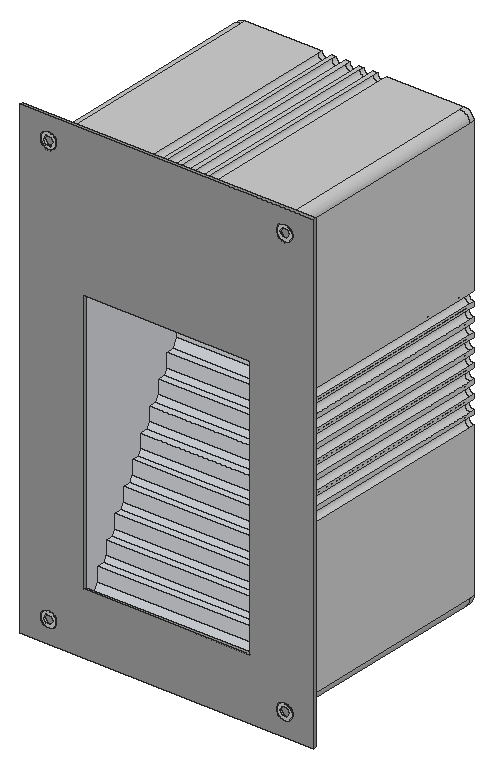
Revit family "WALL LIGHT 02_LK2007WW", category Luminarias, Revit 2019
Family settings
  Cota de conector redondo = Diámetro de uso
  Tipo de pieza = Normal
  Se basa en plano de trabajo = Sí
  Siempre vertical = No
  Corte con vacíos al cargar = No
  Origen de luz = Sí
  Compartido = No
  Punto de cálculo de habitación = No
Parameters (values of type "WALL LIGHT 02_LK2007WW")
  Ángulo de inclinación = 60.00°
  Zone [instance] = ""
  Watt per fixture = 4
  Wattage = 4 W
  built-in parameter 1150107 = 3000 (stored number, unit not read)
  built-in parameter 1150110 = 1 (stored number, unit not read)
  built-in parameter 1150109 = 1 (stored number, unit not read)
  built-in parameter 1150112 = 1 (stored number, unit not read)
  built-in parameter 1150113 = 1 (stored number, unit not read)
  built-in parameter 1114218 = 1 (stored number, unit not read)
  Keynote = ""
  built-in parameter 1150137 = (empty or 0)
  built-in parameter 1150132 = (empty or 0)
  Modelo = "LK2007WW"
  Lámpara = "SMD 3020"
  Longitud [instance] = 1000 mm
  built-in parameter 1150105 = 4.2176 (stored number, unit not read)
  built-in parameter 1150102 = (empty or 0)
  built-in parameter 1150106 = 0.042176 (stored number, unit not read)
  Lumens = 53 lm
  Color Filter = 16777215
  built-in parameter 1114217 = 1 (stored number, unit not read)
  built-in parameter 1150139 = (empty or 0)
  Fabricante = "BRILLANT"
  Default Elevation = 0 mm
  built-in parameter 1150104 = 1.231 (stored number, unit not read)
  Descripción = "LUMINARIA TIPO RECTANGULAR PARA EMPOTRAR EN MURO CON CUERPO DE ALUMINIO FUNDIDO A PRESION CUBIERTO CON POLVO GRIS OSCURO, IP 65 USO PARA INTERIORES O EXTERIORES CON CUERPO DE 0.1KG, CUENTA CON 20 LED TIPO SMD3020 CON UNA POTENCIA TOTAL DE 4W, A UNA TEMPERATURA EN BLANCO CALIDO 3000K CON 53 LUMENES, EFICIENCIA DE 13.25LM/W, IRC 80, APERTURA A 120 GRADOS EN STOCK, 38mA EN CORRIENTE DE OPERACIÓN, ALIMENTADA A 100-240V."
  built-in parameter 1150115 = 1 (stored number, unit not read)
  built-in parameter 1150114 = 1 (stored number, unit not read)
  Comentarios de vataje = "100-240V"
  built-in parameter 1150138 = (empty or 0)
  built-in parameter 1150134 = (empty or 0)
  Circuit [instance] = ""
  Dimming Lamp Color Temperature Shift = (empty or 0)
  Archivo de red fotométrica = "LK2007WW.IES"
  built-in parameter 1150133 = 10 (stored number, unit not read)
Reference planes
  plane 1 "Centro (Frontal/Posterior)": y = 0
  plane 2: z = 0
  plane 3 "Centro (Izquierda/Derecha)": x = 0
Forms (mm)
  Extrusion 1, solid, material "Acabado Blanco"
    sketch origin (0, 0, 0) x (1, 0, 0) y (0, 0, 1)
      loop
        line (-53, 171) -> (-53, 0) -> (53, 0) -> (53, 171) -> (-53, 171)
      loop
        line (-30, 117.305) -> (-30, 22.305) -> (30, 22.305) -> (30, 117.305) -> (-30, 117.305)
    from -1.076 to 0
  Extrusion 2, solid, material "Acero Inoxidable"
    sketch origin (0, 0, 0) x (1, 0, 0) y (0, 0, 1)
      loop
        arc (-39.538, 165.5) -> (-41.986, 164.486) -> (-43, 162.038) r 3.462
        line (-43, 162.038) -> (-43, 107.198)
        arc (-43, 107.198) -> (-41.302, 105.5) -> (-43, 103.802) r 1.698
        line (-43, 103.802) -> (-43, 102.198)
        arc (-43, 102.198) -> (-41.302, 100.5) -> (-43, 98.802) r 1.698
        line (-43, 98.802) -> (-43, 97.198)
        arc (-43, 97.198) -> (-41.302, 95.5) -> (-43, 93.802) r 1.698
        line (-43, 93.802) -> (-43, 92.198)
        arc (-43, 92.198) -> (-41.302, 90.5) -> (-43, 88.802) r 1.698
        line (-43, 88.802) -> (-43, 87.198)
        arc (-43, 87.198) -> (-41.302, 85.5) -> (-43, 83.802) r 1.698
        line (-43, 83.802) -> (-43, 82.198)
        arc (-43, 82.198) -> (-41.302, 80.5) -> (-43, 78.802) r 1.698
        line (-43, 78.802) -> (-43, 77.198)
        arc (-43, 77.198) -> (-41.302, 75.5) -> (-43, 73.802) r 1.698
        line (-43, 73.802) -> (-43, 72.198)
        arc (-43, 72.198) -> (-41.302, 70.5) -> (-43, 68.802) r 1.698
        line (-43, 68.802) -> (-43, 67.198)
        arc (-43, 67.198) -> (-41.302, 65.5) -> (-43, 63.802) r 1.698
        line (-43, 63.802) -> (-43, 8.5)
        arc (-43, 8.5) -> (-41.986, 6.052) -> (-39.538, 5.038) r 3.462
        line (-39.538, 5.038) -> (-11.698, 5.038)
        arc (-11.698, 5.038) -> (-10, 6.735) -> (-8.302, 5.038) r 1.698
        line (-8.302, 5.038) -> (-6.698, 5.038)
        arc (-6.698, 5.038) -> (-5, 6.735) -> (-3.302, 5.038) r 1.698
        line (-3.302, 5.038) -> (-1.698, 5.038)
        arc (-1.698, 5.038) -> (0, 6.735) -> (1.698, 5.038) r 1.698
        line (1.698, 5.038) -> (3.302, 5.038)
        arc (3.302, 5.038) -> (5, 6.735) -> (6.698, 5.038) r 1.698
        line (6.698, 5.038) -> (8.302, 5.038)
        arc (8.302, 5.038) -> (10, 6.735) -> (11.698, 5.038) r 1.698
        line (11.698, 5.038) -> (39.538, 5.038)
        arc (39.538, 5.038) -> (41.986, 6.052) -> (43, 8.5) r 3.462
        line (43, 8.5) -> (43, 63.802)
        arc (43, 63.802) -> (41.302, 65.5) -> (43, 67.198) r 1.698
        line (43, 67.198) -> (43, 68.802)
        arc (43, 68.802) -> (41.302, 70.5) -> (43, 72.198) r 1.698
        line (43, 72.198) -> (43, 73.802)
        arc (43, 73.802) -> (41.302, 75.5) -> (43, 77.198) r 1.698
        line (43, 77.198) -> (43, 78.802)
        arc (43, 78.802) -> (41.302, 80.5) -> (43, 82.198) r 1.698
        line (43, 82.198) -> (43, 83.802)
        arc (43, 83.802) -> (41.302, 85.5) -> (43, 87.198) r 1.698
        line (43, 87.198) -> (43, 88.802)
        arc (43, 88.802) -> (41.302, 90.5) -> (43, 92.198) r 1.698
        line (43, 92.198) -> (43, 93.802)
        arc (43, 93.802) -> (41.302, 95.5) -> (43, 97.198) r 1.698
        line (43, 97.198) -> (43, 98.802)
        arc (43, 98.802) -> (41.302, 100.5) -> (43, 102.198) r 1.698
        line (43, 102.198) -> (43, 103.802)
        arc (43, 103.802) -> (41.302, 105.5) -> (43, 107.198) r 1.698
        line (43, 107.198) -> (43, 162.038)
        arc (43, 162.038) -> (41.986, 164.486) -> (39.538, 165.5) r 3.462
        line (39.538, 165.5) -> (11.698, 165.5)
        arc (11.698, 165.5) -> (10, 163.802) -> (8.302, 165.5) r 1.698
        line (8.302, 165.5) -> (6.698, 165.5)
        arc (6.698, 165.5) -> (5, 163.802) -> (3.302, 165.5) r 1.698
        line (3.302, 165.5) -> (1.698, 165.5)
        arc (1.698, 165.5) -> (0, 163.802) -> (-1.698, 165.5) r 1.698
        line (-1.698, 165.5) -> (-3.302, 165.5)
        arc (-3.302, 165.5) -> (-5, 163.802) -> (-6.698, 165.5) r 1.698
        line (-6.698, 165.5) -> (-8.302, 165.5)
        arc (-8.302, 165.5) -> (-10, 163.802) -> (-11.698, 165.5) r 1.698
        line (-11.698, 165.5) -> (-39.538, 165.5)
      loop
        line (-38, 10.038) -> (-1.335, 10.038)
        arc (-1.335, 10.038) -> (0, 15.741) -> (1.335, 10.038) r 3.008
        line (1.335, 10.038) -> (38, 10.038) -> (38, 20.09) -> (35.031, 20.09) -> (35.031, 20.89) -> (36.594, 20.89) -> (36.594, 24.29) -> (35.031, 24.29) -> (35.031, 25.09) -> (38, 25.09) -> (38, 35.09) -> (35.031, 35.09) -> (35.031, 35.89) -> (36.594, 35.89) -> (36.594, 39.29) -> (35.031, 39.29) -> (35.031, 40.09) -> (38, 40.09) -> (38, 60.09) -> (35.031, 60.09) -> (35.031, 60.89) -> (36.594, 60.89) -> (36.594, 64.29) -> (35.031, 64.29) -> (35.031, 65.09) -> (38, 65.09) -> (38, 105.09) -> (35.031, 105.09) -> (35.031, 105.89) -> (36.594, 105.89) -> (36.594, 109.29) -> (35.031, 109.29) -> (35.031, 110.09) -> (38, 110.09) -> (38, 140.09) -> (35.031, 140.09) -> (35.031, 140.89) -> (36.594, 140.89) -> (36.594, 144.29) -> (35.031, 144.29) -> (35.031, 145.09) -> (38, 145.09) -> (38, 160.5) -> (1.335, 160.5)
        arc (1.335, 160.5) -> (0, 154.797) -> (-1.335, 160.5) r 3.008
        line (-1.335, 160.5) -> (-38, 160.5) -> (-38, 145.09) -> (-35.031, 145.09) -> (-35.031, 144.29) -> (-36.594, 144.29) -> (-36.594, 140.89) -> (-35.031, 140.89) -> (-35.031, 140.09) -> (-38, 140.09) -> (-38, 110.09) -> (-35.031, 110.09) -> (-35.031, 109.29) -> (-36.594, 109.29) -> (-36.594, 105.89) -> (-35.031, 105.89) -> (-35.031, 105.09) -> (-38, 105.09) -> (-38, 65.09) -> (-35.031, 65.09) -> (-35.031, 64.29) -> (-36.594, 64.29) -> (-36.594, 60.89) -> (-35.031, 60.89) -> (-35.031, 60.09) -> (-38, 60.09) -> (-38, 40.09) -> (-35.031, 40.09) -> (-35.031, 39.29) -> (-36.594, 39.29) -> (-36.594, 35.89) -> (-35.031, 35.89) -> (-35.031, 35.09) -> (-38, 35.09) -> (-38, 25.09) -> (-35.031, 25.09) -> (-35.031, 24.29) -> (-36.594, 24.29) -> (-36.594, 20.89) -> (-35.031, 20.89) -> (-35.031, 20.09) -> (-38, 20.09) -> (-38, 10.038)
      loop
        circle (0, 12.733) r 0.781
      loop
        circle (0, 157.805) r 0.781
    from -82.701 to -1.076
  Extrusion 3, solid, material "Acero Inoxidable"
    sketch origin (0, 0, 0) x (1, 0, 0) y (0, 0, 1)
      loop
        arc (-39.538, 165.5) -> (-41.986, 164.486) -> (-43, 162.038) r 3.462
        line (-43, 162.038) -> (-43, 107.198)
        arc (-43, 107.198) -> (-41.302, 105.5) -> (-43, 103.802) r 1.698
        line (-43, 103.802) -> (-43, 102.198)
        arc (-43, 102.198) -> (-41.302, 100.5) -> (-43, 98.802) r 1.698
        line (-43, 98.802) -> (-43, 97.198)
        arc (-43, 97.198) -> (-41.302, 95.5) -> (-43, 93.802) r 1.698
        line (-43, 93.802) -> (-43, 92.198)
        arc (-43, 92.198) -> (-41.302, 90.5) -> (-43, 88.802) r 1.698
        line (-43, 88.802) -> (-43, 87.198)
        arc (-43, 87.198) -> (-41.302, 85.5) -> (-43, 83.802) r 1.698
        line (-43, 83.802) -> (-43, 82.198)
        arc (-43, 82.198) -> (-41.302, 80.5) -> (-43, 78.802) r 1.698
        line (-43, 78.802) -> (-43, 77.198)
        arc (-43, 77.198) -> (-41.302, 75.5) -> (-43, 73.802) r 1.698
        line (-43, 73.802) -> (-43, 72.198)
        arc (-43, 72.198) -> (-41.302, 70.5) -> (-43, 68.802) r 1.698
        line (-43, 68.802) -> (-43, 67.198)
        arc (-43, 67.198) -> (-41.302, 65.5) -> (-43, 63.802) r 1.698
        line (-43, 63.802) -> (-43, 8.5)
        arc (-43, 8.5) -> (-41.986, 6.052) -> (-39.538, 5.038) r 3.462
        line (-39.538, 5.038) -> (-11.698, 5.038)
        arc (-11.698, 5.038) -> (-10, 6.735) -> (-8.302, 5.038) r 1.698
        line (-8.302, 5.038) -> (-6.698, 5.038)
        arc (-6.698, 5.038) -> (-5, 6.735) -> (-3.302, 5.038) r 1.698
        line (-3.302, 5.038) -> (-1.698, 5.038)
        arc (-1.698, 5.038) -> (0, 6.735) -> (1.698, 5.038) r 1.698
        line (1.698, 5.038) -> (3.302, 5.038)
        arc (3.302, 5.038) -> (5, 6.735) -> (6.698, 5.038) r 1.698
        line (6.698, 5.038) -> (8.302, 5.038)
        arc (8.302, 5.038) -> (10, 6.735) -> (11.698, 5.038) r 1.698
        line (11.698, 5.038) -> (39.538, 5.038)
        arc (39.538, 5.038) -> (41.986, 6.052) -> (43, 8.5) r 3.462
        line (43, 8.5) -> (43, 63.802)
        arc (43, 63.802) -> (41.302, 65.5) -> (43, 67.198) r 1.698
        line (43, 67.198) -> (43, 68.802)
        arc (43, 68.802) -> (41.302, 70.5) -> (43, 72.198) r 1.698
        line (43, 72.198) -> (43, 73.802)
        arc (43, 73.802) -> (41.302, 75.5) -> (43, 77.198) r 1.698
        line (43, 77.198) -> (43, 78.802)
        arc (43, 78.802) -> (41.302, 80.5) -> (43, 82.198) r 1.698
        line (43, 82.198) -> (43, 83.802)
        arc (43, 83.802) -> (41.302, 85.5) -> (43, 87.198) r 1.698
        line (43, 87.198) -> (43, 88.802)
        arc (43, 88.802) -> (41.302, 90.5) -> (43, 92.198) r 1.698
        line (43, 92.198) -> (43, 93.802)
        arc (43, 93.802) -> (41.302, 95.5) -> (43, 97.198) r 1.698
        line (43, 97.198) -> (43, 98.802)
        arc (43, 98.802) -> (41.302, 100.5) -> (43, 102.198) r 1.698
        line (43, 102.198) -> (43, 103.802)
        arc (43, 103.802) -> (41.302, 105.5) -> (43, 107.198) r 1.698
        line (43, 107.198) -> (43, 162.038)
        arc (43, 162.038) -> (41.986, 164.486) -> (39.538, 165.5) r 3.462
        line (39.538, 165.5) -> (11.698, 165.5)
        arc (11.698, 165.5) -> (10, 163.802) -> (8.302, 165.5) r 1.698
        line (8.302, 165.5) -> (6.698, 165.5)
        arc (6.698, 165.5) -> (5, 163.802) -> (3.302, 165.5) r 1.698
        line (3.302, 165.5) -> (1.698, 165.5)
        arc (1.698, 165.5) -> (0, 163.802) -> (-1.698, 165.5) r 1.698
        line (-1.698, 165.5) -> (-3.302, 165.5)
        arc (-3.302, 165.5) -> (-5, 163.802) -> (-6.698, 165.5) r 1.698
        line (-6.698, 165.5) -> (-8.302, 165.5)
        arc (-8.302, 165.5) -> (-10, 163.802) -> (-11.698, 165.5) r 1.698
        line (-11.698, 165.5) -> (-39.538, 165.5)
    from -84.639 to -82.701
  Extrusion 4, void
    sketch origin (0, 0, 0) x (1, 0, 0) y (0, 0, 1)
      loop
        circle (-27.369, 149.109) r 5
      loop
        circle (27.772, 24.918) r 5
    from -84.639 to -82.701
  Extrusion 5, solid
    sketch origin (-5.531, 0, 17.605) x (0, 0, 1) y (0, -1, 0)
      loop
        line (-3.951, -1.076) -> (-8.951, -1.076) -> (-8.951, -3.993) -> (66.551, -46.683) -> (104.699, -46.683) -> (104.699, -1.076) -> (99.699, -1.076) -> (99.699, -41.683) -> (68.034, -41.683) -> (65.03, -39.985) -> (65.03, -37.252) -> (60.03, -37.252) -> (58.08, -36.15) -> (58.08, -33.323) -> (53.08, -33.323) -> (51.13, -32.22) -> (51.13, -29.393) -> (46.13, -29.393) -> (44.179, -28.29) -> (44.179, -25.463) -> (39.179, -25.463) -> (37.229, -24.36) -> (37.229, -21.533) -> (32.229, -21.533) -> (30.279, -20.43) -> (30.279, -17.603) -> (25.279, -17.603) -> (23.328, -16.501) -> (23.328, -13.674) -> (18.328, -13.674) -> (16.378, -12.571) -> (16.378, -9.744) -> (11.378, -9.744) -> (9.613, -8.746) -> (9.613, -5.919) -> (4.613, -5.919) -> (-3.951, -1.076)
    from -24.469 to 35.531
  Extrusion 6, solid
    sketch origin (0, 0, 0) x (1, 0, 0) y (0, 0, 1)
      loop
        line (-30, 117.305) -> (-30, 8.654) -> (30, 8.654) -> (30, 117.305) -> (-30, 117.305)
      loop
        line (-31.5, 118.805) -> (-31.5, 7.154) -> (31.5, 7.154) -> (31.5, 118.805) -> (-31.5, 118.805)
    from -1.076 to -48.145
  Extrusion 7, void
    sketch origin (0, 0, 0) x (1, 0, 0) y (0, 0, 1)
      loop
        circle (-42.647, 162.89) r 3.001
      loop
        circle (42.647, 162.89) r 3.001
      loop
        circle (-42.647, 8.11) r 3.001
      loop
        circle (42.647, 8.11) r 3.001
    from -0.64 to 0
  Extrusion 8, solid, material "Acero Inoxidable"
    sketch origin (0, 0, 0) x (1, 0, 0) y (0, 0, 1)
      loop
        line (-43.564, 164.479) -> (-44.481, 162.89) -> (-43.564, 161.301) -> (-41.73, 161.301) -> (-40.812, 162.89) -> (-41.73, 164.479) -> (-43.564, 164.479)
      loop
        circle (-42.647, 162.89) r 2.697
      loop
        line (43.564, 164.479) -> (41.73, 164.479) -> (40.812, 162.89) -> (41.73, 161.301) -> (43.564, 161.301) -> (44.481, 162.89) -> (43.564, 164.479)
      loop
        circle (42.647, 162.89) r 2.697
      loop
        line (-43.564, 6.521) -> (-41.73, 6.521) -> (-40.812, 8.11) -> (-41.73, 9.699) -> (-43.564, 9.699) -> (-44.481, 8.11) -> (-43.564, 6.521)
      loop
        circle (-42.647, 8.11) r 2.697
      loop
        line (43.564, 6.521) -> (44.481, 8.11) -> (43.564, 9.699) -> (41.73, 9.699) -> (40.812, 8.11) -> (41.73, 6.521) -> (43.564, 6.521)
      loop
        circle (42.647, 8.11) r 2.697
    from -0.582 to 0
Cuts and joins
  Extrusion 4, Extrusion 7 cuts Extrusion 1
  Extrusion 4 cuts Extrusion 3
  joined: Extrusion 2, Extrusion 3
Lines and regions (mm)
  model lines
    curve 1: line (0, 65, 10.35) -> (0, 40, 10.35)
Dimensions and locks
  Extrusion 2 sketch curve to Extrusion 2 sketch curve = 160.462 mm
  Extrusion 2 sketch curve to Extrusion 2 sketch curve = 86 mm
  plane 1 "Centro (Frontal/Posterior)" to Extrusion 2 = 82.701 mm
  cut or joined group of Extrusion 2, Extrusion 3, Extrusion 4 to cut or joined group of Extrusion 2, Extrusion 3, Extrusion 4 = 160.462 mm
  cut or joined group of Extrusion 1, Extrusion 4, Extrusion 7 to cut or joined group of Extrusion 1, Extrusion 4, Extrusion 7 = 171 mm
  cut or joined group of Extrusion 1, Extrusion 4, Extrusion 7 to cut or joined group of Extrusion 2, Extrusion 3, Extrusion 4 = 84.639 mm
  cut or joined group of Extrusion 1, Extrusion 4, Extrusion 7 to level = 117.305 mm
  level to cut or joined group of Extrusion 1, Extrusion 4, Extrusion 7 = 117.305 mm
  cut or joined group of Extrusion 1, Extrusion 4, Extrusion 7 to cut or joined group of Extrusion 1, Extrusion 4, Extrusion 7 = 106 mm
  cut or joined group of Extrusion 1, Extrusion 4, Extrusion 7 to cut or joined group of Extrusion 1, Extrusion 4, Extrusion 7 = 60 mm
  cut or joined group of Extrusion 2, Extrusion 3, Extrusion 4 to cut or joined group of Extrusion 2, Extrusion 3, Extrusion 4 = 86 mm
  aligned and locked: level to plane 2
  aligned and locked: Extrusion 2 to Extrusion 3
  aligned and locked: Extrusion 3 to Extrusion 4
  aligned and locked: Extrusion 4 to Extrusion 2
Connectors
  electrical at (0, 84.639, 85.399)
    settings: on cut or joined group of Extrusion 2, Extrusion 3, Extrusion 4, index 1, voltage 240 V, apparent load 0 VA, apparent load phase1 0 VA, apparent load phase2 0 VA, apparent load phase3 0 VA, power factor 1, load classification "Otro", number of poles 1, system type 31, power factor state 1, is connector primary yes, connector utility no, sub classification motor no, connector description ""
